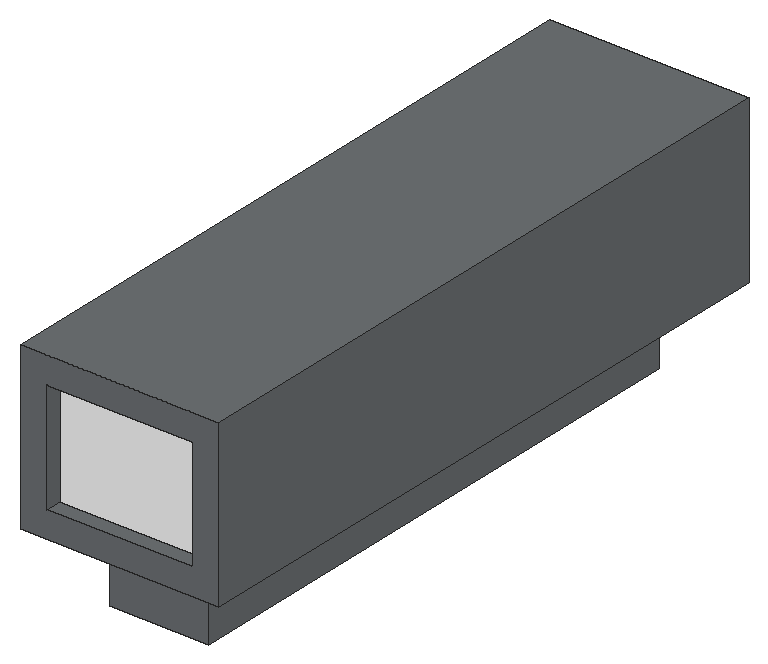
Revit family "Thorn AXYL GLOW", category Lighting Fixtures, host Face, Revit 2023 (continued)
Types (144, lengths in mm): name | Wattage | URL | Type Light Source UP | Type Light Source DOWN | Type Image | Up and Down | Housing Small | Housing Medium | Housing Large | Power Factor | Model | Material Housing | Luminaire Width | Body Size | Apparent Load
  AXYL GLOW S DWN 1L927 WB HF BK | 4 W | "https://www.thornlighting.com/96700143" | Thorn-Light Source-Axyl-Glow : AXYL GLOW S DWN 1L927 WB HF BK_photometric_data | Thorn-Light Source-Axyl-Glow : AXYL GLOW S DWN 1L927 WB HF BK_photometric_data | TLG_AXYL_F_GLOW_S_BK.jpg | no | yes | no | no | 0.54 | "96700143" | Thorn-Aluminium-RAL 9005-Jet Black | 60 | Thorn-Axyl-Glow-Body : Small | 7.40741 VA
  AXYL GLOW S DWN 1L927 WB HF WH | 4 W | "https://www.thornlighting.com/96700142" | Thorn-Light Source-Axyl-Glow : AXYL GLOW S DWN 1L927 WB HF WH_photometric_data | Thorn-Light Source-Axyl-Glow : AXYL GLOW S DWN 1L927 WB HF WH_photometric_data | TLG_AXYL_F_GLOW_S_WH.jpg | no | yes | no | no | 0.54 | "96700142" | Thorn-Aluminium-RAL 9016-Traffic White | 60 | Thorn-Axyl-Glow-Body : Small | 7.40741 VA
  AXYL GLOW S DWN 1L927 WB RD ANT | 4 W | "https://www.thornlighting.com/96701261" | Thorn-Light Source-Axyl-Glow : AXYL GLOW S DWN 1L927 WB RD ANT_photometric_data | Thorn-Light Source-Axyl-Glow : AXYL GLOW S DWN 1L927 WB RD ANT_photometric_data | TLG_AXYL_F_GLOW_S_ANT.jpg | no | yes | no | no | 0.54 | "96701261" | Thorn-Aluminium-RAL 7016-Anthracite Grey | 60 | Thorn-Axyl-Glow-Body : Small | 7.40741 VA
  AXYL GLOW S DWN 1L927 WB RD BK | 4 W | "https://www.thornlighting.com/96701259" | Thorn-Light Source-Axyl-Glow : AXYL GLOW S DWN 1L927 WB RD BK_photometric_data | Thorn-Light Source-Axyl-Glow : AXYL GLOW S DWN 1L927 WB RD BK_photometric_data | TLG_AXYL_F_GLOW_S_BK.jpg | no | yes | no | no | 0.54 | "96701259" | Thorn-Aluminium-RAL 9005-Jet Black | 60 | Thorn-Axyl-Glow-Body : Small | 7.40741 VA
  AXYL GLOW S DWN 1L927 WB RD WH | 4 W | "https://www.thornlighting.com/96701258" | Thorn-Light Source-Axyl-Glow : AXYL GLOW S DWN 1L927 WB RD WH_photometric_data | Thorn-Light Source-Axyl-Glow : AXYL GLOW S DWN 1L927 WB RD WH_photometric_data | TLG_AXYL_F_GLOW_S_WH.jpg | no | yes | no | no | 0.54 | "96701258" | Thorn-Aluminium-RAL 9016-Traffic White | 60 | Thorn-Axyl-Glow-Body : Small | 7.40741 VA
  AXYL GLOW S DWN 1L930 WB HF ANT | 4 W | "https://www.thornlighting.com/96700153" | Thorn-Light Source-Axyl-Glow : AXYL GLOW S DWN 1L930 WB HF ANT_photometric_data | Thorn-Light Source-Axyl-Glow : AXYL GLOW S DWN 1L930 WB HF ANT_photometric_data | TLG_AXYL_F_GLOW_S_ANT.jpg | no | yes | no | no | 0.54 | "96700153" | Thorn-Aluminium-RAL 7016-Anthracite Grey | 60 | Thorn-Axyl-Glow-Body : Small | 7.40741 VA
  AXYL GLOW S DWN 1L930 WB HF BK | 4 W | "https://www.thornlighting.com/96700151" | Thorn-Light Source-Axyl-Glow : AXYL GLOW S DWN 1L930 WB HF BK_photometric_data | Thorn-Light Source-Axyl-Glow : AXYL GLOW S DWN 1L930 WB HF BK_photometric_data | TLG_AXYL_F_GLOW_S_BK.jpg | no | yes | no | no | 0.54 | "96700151" | Thorn-Aluminium-RAL 9005-Jet Black | 60 | Thorn-Axyl-Glow-Body : Small | 7.40741 VA
  AXYL GLOW S DWN 1L930 WB HF GY | 4 W | "https://www.thornlighting.com/96700152" | Thorn-Light Source-Axyl-Glow : AXYL GLOW S DWN 1L930 WB HF GY_photometric_data | Thorn-Light Source-Axyl-Glow : AXYL GLOW S DWN 1L930 WB HF GY_photometric_data | TLG_AXYL_F_GLOW_S_GY.jpg | no | yes | no | no | 0.54 | "96700152" | Thorn-Aluminium-RAL 9006-White Aluminium | 60 | Thorn-Axyl-Glow-Body : Small | 7.40741 VA
  AXYL GLOW S DWN 1L930 WB HF WH | 4 W | "https://www.thornlighting.com/96700150" | Thorn-Light Source-Axyl-Glow : AXYL GLOW S DWN 1L930 WB HF WH_photometric_data | Thorn-Light Source-Axyl-Glow : AXYL GLOW S DWN 1L930 WB HF WH_photometric_data | TLG_AXYL_F_GLOW_S_WH.jpg | no | yes | no | no | 0.54 | "96700150" | Thorn-Aluminium-RAL 9016-Traffic White | 60 | Thorn-Axyl-Glow-Body : Small | 7.40741 VA
  AXYL GLOW S DWN 1L930 WB RD ANT | 4 W | "https://www.thornlighting.com/96701269" | Thorn-Light Source-Axyl-Glow : AXYL GLOW S DWN 1L930 WB RD ANT_photometric_data | Thorn-Light Source-Axyl-Glow : AXYL GLOW S DWN 1L930 WB RD ANT_photometric_data | TLG_AXYL_F_GLOW_S_ANT.jpg | no | yes | no | no | 0.54 | "96701269" | Thorn-Aluminium-RAL 7016-Anthracite Grey | 60 | Thorn-Axyl-Glow-Body : Small | 7.40741 VA
  AXYL GLOW S DWN 1L930 WB RD BK | 4 W | "https://www.thornlighting.com/96701267" | Thorn-Light Source-Axyl-Glow : AXYL GLOW S DWN 1L930 WB RD BK_photometric_data | Thorn-Light Source-Axyl-Glow : AXYL GLOW S DWN 1L930 WB RD BK_photometric_data | TLG_AXYL_F_GLOW_S_BK.jpg | no | yes | no | no | 0.54 | "96701267" | Thorn-Aluminium-RAL 9005-Jet Black | 60 | Thorn-Axyl-Glow-Body : Small | 7.40741 VA
  AXYL GLOW S DWN 1L930 WB RD GY | 4 W | "https://www.thornlighting.com/96701268" | Thorn-Light Source-Axyl-Glow : AXYL GLOW S DWN 1L930 WB RD GY_photometric_data | Thorn-Light Source-Axyl-Glow : AXYL GLOW S DWN 1L930 WB RD GY_photometric_data | TLG_AXYL_F_GLOW_S_GY.jpg | no | yes | no | no | 0.54 | "96701268" | Thorn-Aluminium-RAL 9006-White Aluminium | 60 | Thorn-Axyl-Glow-Body : Small | 7.40741 VA
  AXYL GLOW S DWN 1L930 WB RD WH | 4 W | "https://www.thornlighting.com/96701266" | Thorn-Light Source-Axyl-Glow : AXYL GLOW S DWN 1L930 WB RD WH_photometric_data | Thorn-Light Source-Axyl-Glow : AXYL GLOW S DWN 1L930 WB RD WH_photometric_data | TLG_AXYL_F_GLOW_S_WH.jpg | no | yes | no | no | 0.54 | "96701266" | Thorn-Aluminium-RAL 9016-Traffic White | 60 | Thorn-Axyl-Glow-Body : Small | 7.40741 VA
  AXYL GLOW S DWN 1L940 WB HF ANT | 4 W | "https://www.thornlighting.com/96700149" | Thorn-Light Source-Axyl-Glow : AXYL GLOW S DWN 1L940 WB HF ANT_photometric_data | Thorn-Light Source-Axyl-Glow : AXYL GLOW S DWN 1L940 WB HF ANT_photometric_data | TLG_AXYL_F_GLOW_S_ANT.jpg | no | yes | no | no | 0.54 | "96700149" | Thorn-Aluminium-RAL 7016-Anthracite Grey | 60 | Thorn-Axyl-Glow-Body : Small | 7.40741 VA
  AXYL GLOW S DWN 1L940 WB HF BK | 4 W | "https://www.thornlighting.com/96700147" | Thorn-Light Source-Axyl-Glow : AXYL GLOW S DWN 1L940 WB HF BK_photometric_data | Thorn-Light Source-Axyl-Glow : AXYL GLOW S DWN 1L940 WB HF BK_photometric_data | TLG_AXYL_F_GLOW_S_BK.jpg | no | yes | no | no | 0.54 | "96700147" | Thorn-Aluminium-RAL 9005-Jet Black | 60 | Thorn-Axyl-Glow-Body : Small | 7.40741 VA
  AXYL GLOW S DWN 1L940 WB HF GY | 4 W | "https://www.thornlighting.com/96700148" | Thorn-Light Source-Axyl-Glow : AXYL GLOW S DWN 1L940 WB HF GY_photometric_data | Thorn-Light Source-Axyl-Glow : AXYL GLOW S DWN 1L940 WB HF GY_photometric_data | TLG_AXYL_F_GLOW_S_GY.jpg | no | yes | no | no | 0.54 | "96700148" | Thorn-Aluminium-RAL 9006-White Aluminium | 60 | Thorn-Axyl-Glow-Body : Small | 7.40741 VA
  AXYL GLOW S DWN 1L940 WB HF WH | 4 W | "https://www.thornlighting.com/96700146" | Thorn-Light Source-Axyl-Glow : AXYL GLOW S DWN 1L940 WB HF WH_photometric_data | Thorn-Light Source-Axyl-Glow : AXYL GLOW S DWN 1L940 WB HF WH_photometric_data | TLG_AXYL_F_GLOW_S_WH.jpg | no | yes | no | no | 0.54 | "96700146" | Thorn-Aluminium-RAL 9016-Traffic White | 60 | Thorn-Axyl-Glow-Body : Small | 7.40741 VA
  AXYL GLOW S DWN 1L940 WB RD ANT | 4 W | "https://www.thornlighting.com/96701265" | Thorn-Light Source-Axyl-Glow : AXYL GLOW S DWN 1L940 WB RD ANT_photometric_data | Thorn-Light Source-Axyl-Glow : AXYL GLOW S DWN 1L940 WB RD ANT_photometric_data | TLG_AXYL_F_GLOW_S_ANT.jpg | no | yes | no | no | 0.54 | "96701265" | Thorn-Aluminium-RAL 7016-Anthracite Grey | 60 | Thorn-Axyl-Glow-Body : Small | 7.40741 VA
  AXYL GLOW S DWN 1L940 WB RD BK | 4 W | "https://www.thornlighting.com/96701263" | Thorn-Light Source-Axyl-Glow : AXYL GLOW S DWN 1L940 WB RD BK_photometric_data | Thorn-Light Source-Axyl-Glow : AXYL GLOW S DWN 1L940 WB RD BK_photometric_data | TLG_AXYL_F_GLOW_S_BK.jpg | no | yes | no | no | 0.54 | "96701263" | Thorn-Aluminium-RAL 9005-Jet Black | 60 | Thorn-Axyl-Glow-Body : Small | 7.40741 VA
  AXYL GLOW S DWN 1L940 WB RD GY | 4 W | "https://www.thornlighting.com/96701264" | Thorn-Light Source-Axyl-Glow : AXYL GLOW S DWN 1L940 WB RD GY_photometric_data | Thorn-Light Source-Axyl-Glow : AXYL GLOW S DWN 1L940 WB RD GY_photometric_data | TLG_AXYL_F_GLOW_S_GY.jpg | no | yes | no | no | 0.54 | "96701264" | Thorn-Aluminium-RAL 9006-White Aluminium | 60 | Thorn-Axyl-Glow-Body : Small | 7.40741 VA
  AXYL GLOW S DWN 1L940 WB RD WH | 4 W | "https://www.thornlighting.com/96701262" | Thorn-Light Source-Axyl-Glow : AXYL GLOW S DWN 1L940 WB RD WH_photometric_data | Thorn-Light Source-Axyl-Glow : AXYL GLOW S DWN 1L940 WB RD WH_photometric_data | TLG_AXYL_F_GLOW_S_WH.jpg | no | yes | no | no | 0.54 | "96701262" | Thorn-Aluminium-RAL 9016-Traffic White | 60 | Thorn-Axyl-Glow-Body : Small | 7.40741 VA
  AXYL GLOW S DWN1L927  WB HF GY | 4 W | "https://www.thornlighting.com/96700144" | Thorn-Light Source-Axyl-Glow : AXYL GLOW S DWN1L927  WB HF GY_photometric_data | Thorn-Light Source-Axyl-Glow : AXYL GLOW S DWN1L927  WB HF GY_photometric_data | TLG_AXYL_F_GLOW_S_GY.jpg | no | yes | no | no | 0.54 | "96700144" | Thorn-Aluminium-RAL 9006-White Aluminium | 60 | Thorn-Axyl-Glow-Body : Small | 7.40741 VA
  AXYL GLOW S DWN1L927  WB RD GY | 4 W | "https://www.thornlighting.com/96701260" | Thorn-Light Source-Axyl-Glow : AXYL GLOW S DWN1L927  WB RD GY_photometric_data | Thorn-Light Source-Axyl-Glow : AXYL GLOW S DWN1L927  WB RD GY_photometric_data | TLG_AXYL_F_GLOW_S_GY.jpg | no | yes | no | no | 0.54 | "96701260" | Thorn-Aluminium-RAL 9006-White Aluminium | 60 | Thorn-Axyl-Glow-Body : Small | 7.40741 VA
  AXYL GLOW S U/D 2L927 WB HF ANT | 5.4 W | "https://www.thornlighting.com/96700157" | Thorn-Light Source-Axyl-Glow : AXYL GLOW S U/D 2L927 WB HF ANT_photometric_data_UP | Thorn-Light Source-Axyl-Glow : AXYL GLOW S U/D 2L927 WB HF ANT_photometric_data_DOWN | TLG_AXYL_F_GLOW_S_ANT.jpg | yes | yes | no | no | 0.54 | "96700157" | Thorn-Aluminium-RAL 7016-Anthracite Grey | 60 | Thorn-Axyl-Glow-Body : Small | 10 VA
  AXYL GLOW S U/D 2L927 WB HF BK | 5.4 W | "https://www.thornlighting.com/96700155" | Thorn-Light Source-Axyl-Glow : AXYL GLOW S U/D 2L927 WB HF BK_photometric_data_UP | Thorn-Light Source-Axyl-Glow : AXYL GLOW S U/D 2L927 WB HF BK_photometric_data_DOWN | TLG_AXYL_F_GLOW_S_BK.jpg | yes | yes | no | no | 0.54 | "96700155" | Thorn-Aluminium-RAL 9005-Jet Black | 60 | Thorn-Axyl-Glow-Body : Small | 10 VA
  AXYL GLOW S U/D 2L927 WB HF GY | 5.4 W | "https://www.thornlighting.com/96700156" | Thorn-Light Source-Axyl-Glow : AXYL GLOW S U/D 2L927 WB HF GY_photometric_data_UP | Thorn-Light Source-Axyl-Glow : AXYL GLOW S U/D 2L927 WB HF GY_photometric_data_DOWN | TLG_AXYL_F_GLOW_S_GY.jpg | yes | yes | no | no | 0.54 | "96700156" | Thorn-Aluminium-RAL 9006-White Aluminium | 60 | Thorn-Axyl-Glow-Body : Small | 10 VA
  AXYL GLOW S U/D 2L927 WB HF WH | 5.4 W | "https://www.thornlighting.com/96700154" | Thorn-Light Source-Axyl-Glow : AXYL GLOW S U/D 2L927 WB HF WH_photometric_data_UP | Thorn-Light Source-Axyl-Glow : AXYL GLOW S U/D 2L927 WB HF WH_photometric_data_DOWN | TLG_AXYL_F_GLOW_S_WH.jpg | yes | yes | no | no | 0.54 | "96700154" | Thorn-Aluminium-RAL 9016-Traffic White | 60 | Thorn-Axyl-Glow-Body : Small | 10 VA
  AXYL GLOW S U/D 2L927 WB RD ANT | 5.4 W | "https://www.thornlighting.com/96701297" | Thorn-Light Source-Axyl-Glow : AXYL GLOW S U/D 2L927 WB RD ANT_photometric_data_UP | Thorn-Light Source-Axyl-Glow : AXYL GLOW S U/D 2L927 WB RD ANT_photometric_data_DOWN | TLG_AXYL_F_GLOW_S_ANT.jpg | yes | yes | no | no | 0.54 | "96701297" | Thorn-Aluminium-RAL 7016-Anthracite Grey | 60 | Thorn-Axyl-Glow-Body : Small | 10 VA
  AXYL GLOW S U/D 2L927 WB RD BK | 5.4 W | "https://www.thornlighting.com/96701295" | Thorn-Light Source-Axyl-Glow : AXYL GLOW S U/D 2L927 WB RD BK_photometric_data_UP | Thorn-Light Source-Axyl-Glow : AXYL GLOW S U/D 2L927 WB RD BK_photometric_data_DOWN | TLG_AXYL_F_GLOW_S_BK.jpg | yes | yes | no | no | 0.54 | "96701295" | Thorn-Aluminium-RAL 9005-Jet Black | 60 | Thorn-Axyl-Glow-Body : Small | 10 VA
  AXYL GLOW S U/D 2L927 WB RD GY | 5.4 W | "https://www.thornlighting.com/96701296" | Thorn-Light Source-Axyl-Glow : AXYL GLOW S U/D 2L927 WB RD GY_photometric_data_UP | Thorn-Light Source-Axyl-Glow : AXYL GLOW S U/D 2L927 WB RD GY_photometric_data_DOWN | TLG_AXYL_F_GLOW_S_GY.jpg | yes | yes | no | no | 0.54 | "96701296" | Thorn-Aluminium-RAL 9006-White Aluminium | 60 | Thorn-Axyl-Glow-Body : Small | 10 VA
  AXYL GLOW S U/D 2L927 WB RD WH | 5.4 W | "https://www.thornlighting.com/96701294" | Thorn-Light Source-Axyl-Glow : AXYL GLOW S U/D 2L927 WB RD WH_photometric_data_UP | Thorn-Light Source-Axyl-Glow : AXYL GLOW S U/D 2L927 WB RD WH_photometric_data_DOWN | TLG_AXYL_F_GLOW_S_WH.jpg | yes | yes | no | no | 0.54 | "96701294" | Thorn-Aluminium-RAL 9016-Traffic White | 60 | Thorn-Axyl-Glow-Body : Small | 10 VA
  AXYL GLOW S U/D 2L930 WB HF ANT | 5.4 W | "https://www.thornlighting.com/96700165" | Thorn-Light Source-Axyl-Glow : AXYL GLOW S U/D 2L930 WB HF ANT_photometric_data_UP | Thorn-Light Source-Axyl-Glow : AXYL GLOW S U/D 2L930 WB HF ANT_photometric_data_DOWN | TLG_AXYL_F_GLOW_S_ANT.jpg | yes | yes | no | no | 0.54 | "96700165" | Thorn-Aluminium-RAL 7016-Anthracite Grey | 60 | Thorn-Axyl-Glow-Body : Small | 10 VA
  AXYL GLOW S U/D 2L930 WB HF BK | 5.4 W | "https://www.thornlighting.com/96700163" | Thorn-Light Source-Axyl-Glow : AXYL GLOW S U/D 2L930 WB HF BK_photometric_data_UP | Thorn-Light Source-Axyl-Glow : AXYL GLOW S U/D 2L930 WB HF BK_photometric_data_DOWN | TLG_AXYL_F_GLOW_S_BK.jpg | yes | yes | no | no | 0.54 | "96700163" | Thorn-Aluminium-RAL 9005-Jet Black | 60 | Thorn-Axyl-Glow-Body : Small | 10 VA
  AXYL GLOW S U/D 2L930 WB HF GY | 5.4 W | "https://www.thornlighting.com/96700164" | Thorn-Light Source-Axyl-Glow : AXYL GLOW S U/D 2L930 WB HF GY_photometric_data_UP | Thorn-Light Source-Axyl-Glow : AXYL GLOW S U/D 2L930 WB HF GY_photometric_data_DOWN | TLG_AXYL_F_GLOW_S_GY.jpg | yes | yes | no | no | 0.54 | "96700164" | Thorn-Aluminium-RAL 9006-White Aluminium | 60 | Thorn-Axyl-Glow-Body : Small | 10 VA
  AXYL GLOW S U/D 2L930 WB HF WH | 5.4 W | "https://www.thornlighting.com/96700162" | Thorn-Light Source-Axyl-Glow : AXYL GLOW S U/D 2L930 WB HF WH_photometric_data_UP | Thorn-Light Source-Axyl-Glow : AXYL GLOW S U/D 2L930 WB HF WH_photometric_data_DOWN | TLG_AXYL_F_GLOW_S_WH.jpg | yes | yes | no | no | 0.54 | "96700162" | Thorn-Aluminium-RAL 9016-Traffic White | 60 | Thorn-Axyl-Glow-Body : Small | 10 VA
  AXYL GLOW S U/D 2L930 WB RD ANT | 5.4 W | "https://www.thornlighting.com/96701305" | Thorn-Light Source-Axyl-Glow : AXYL GLOW S U/D 2L930 WB RD ANT_photometric_data_UP | Thorn-Light Source-Axyl-Glow : AXYL GLOW S U/D 2L930 WB RD ANT_photometric_data_DOWN | TLG_AXYL_F_GLOW_S_ANT.jpg | yes | yes | no | no | 0.54 | "96701305" | Thorn-Aluminium-RAL 7016-Anthracite Grey | 60 | Thorn-Axyl-Glow-Body : Small | 10 VA
  AXYL GLOW S U/D 2L930 WB RD BK | 5.4 W | "https://www.thornlighting.com/96701303" | Thorn-Light Source-Axyl-Glow : AXYL GLOW S U/D 2L930 WB RD BK_photometric_data_UP | Thorn-Light Source-Axyl-Glow : AXYL GLOW S U/D 2L930 WB RD BK_photometric_data_DOWN | TLG_AXYL_F_GLOW_S_BK.jpg | yes | yes | no | no | 0.54 | "96701303" | Thorn-Aluminium-RAL 9005-Jet Black | 60 | Thorn-Axyl-Glow-Body : Small | 10 VA
  AXYL GLOW S U/D 2L930 WB RD GY | 5.4 W | "https://www.thornlighting.com/96701304" | Thorn-Light Source-Axyl-Glow : AXYL GLOW S U/D 2L930 WB RD GY_photometric_data_UP | Thorn-Light Source-Axyl-Glow : AXYL GLOW S U/D 2L930 WB RD GY_photometric_data_DOWN | TLG_AXYL_F_GLOW_S_GY.jpg | yes | yes | no | no | 0.54 | "96701304" | Thorn-Aluminium-RAL 9006-White Aluminium | 60 | Thorn-Axyl-Glow-Body : Small | 10 VA
  AXYL GLOW S U/D 2L930 WB RD WH | 5.4 W | "https://www.thornlighting.com/96701302" | Thorn-Light Source-Axyl-Glow : AXYL GLOW S U/D 2L930 WB RD WH_photometric_data_UP | Thorn-Light Source-Axyl-Glow : AXYL GLOW S U/D 2L930 WB RD WH_photometric_data_DOWN | TLG_AXYL_F_GLOW_S_WH.jpg | yes | yes | no | no | 0.54 | "96701302" | Thorn-Aluminium-RAL 9016-Traffic White | 60 | Thorn-Axyl-Glow-Body : Small | 10 VA
  AXYL GLOW S U/D 2L940 WB HF ANT | 5.4 W | "https://www.thornlighting.com/96700161" | Thorn-Light Source-Axyl-Glow : AXYL GLOW S U/D 2L940 WB HF ANT_photometric_data_UP | Thorn-Light Source-Axyl-Glow : AXYL GLOW S U/D 2L940 WB HF ANT_photometric_data_DOWN | TLG_AXYL_F_GLOW_S_ANT.jpg | yes | yes | no | no | 0.54 | "96700161" | Thorn-Aluminium-RAL 7016-Anthracite Grey | 60 | Thorn-Axyl-Glow-Body : Small | 10 VA
  AXYL GLOW S U/D 2L940 WB HF BK | 5.4 W | "https://www.thornlighting.com/96700159" | Thorn-Light Source-Axyl-Glow : AXYL GLOW S U/D 2L940 WB HF BK_photometric_data_UP | Thorn-Light Source-Axyl-Glow : AXYL GLOW S U/D 2L940 WB HF BK_photometric_data_DOWN | TLG_AXYL_F_GLOW_S_BK.jpg | yes | yes | no | no | 0.54 | "96700159" | Thorn-Aluminium-RAL 9005-Jet Black | 60 | Thorn-Axyl-Glow-Body : Small | 10 VA
  AXYL GLOW S U/D 2L940 WB HF GY | 5.4 W | "https://www.thornlighting.com/96700160" | Thorn-Light Source-Axyl-Glow : AXYL GLOW S U/D 2L940 WB HF GY_photometric_data_UP | Thorn-Light Source-Axyl-Glow : AXYL GLOW S U/D 2L940 WB HF GY_photometric_data_DOWN | TLG_AXYL_F_GLOW_S_GY.jpg | yes | yes | no | no | 0.54 | "96700160" | Thorn-Aluminium-RAL 9006-White Aluminium | 60 | Thorn-Axyl-Glow-Body : Small | 10 VA
  AXYL GLOW S U/D 2L940 WB HF WH | 5.4 W | "https://www.thornlighting.com/96700158" | Thorn-Light Source-Axyl-Glow : AXYL GLOW S U/D 2L940 WB HF WH_photometric_data_UP | Thorn-Light Source-Axyl-Glow : AXYL GLOW S U/D 2L940 WB HF WH_photometric_data_DOWN | TLG_AXYL_F_GLOW_S_WH.jpg | yes | yes | no | no | 0.54 | "96700158" | Thorn-Aluminium-RAL 9016-Traffic White | 60 | Thorn-Axyl-Glow-Body : Small | 10 VA
  AXYL GLOW S U/D 2L940 WB RD ANT | 5.4 W | "https://www.thornlighting.com/96701301" | Thorn-Light Source-Axyl-Glow : AXYL GLOW S U/D 2L940 WB RD ANT_photometric_data_UP | Thorn-Light Source-Axyl-Glow : AXYL GLOW S U/D 2L940 WB RD ANT_photometric_data_DOWN | TLG_AXYL_F_GLOW_S_ANT.jpg | yes | yes | no | no | 0.54 | "96701301" | Thorn-Aluminium-RAL 7016-Anthracite Grey | 60 | Thorn-Axyl-Glow-Body : Small | 10 VA
  AXYL GLOW S U/D 2L940 WB RD BK | 5.4 W | "https://www.thornlighting.com/96701299" | Thorn-Light Source-Axyl-Glow : AXYL GLOW S U/D 2L940 WB RD BK_photometric_data_UP | Thorn-Light Source-Axyl-Glow : AXYL GLOW S U/D 2L940 WB RD BK_photometric_data_DOWN | TLG_AXYL_F_GLOW_S_BK.jpg | yes | yes | no | no | 0.54 | "96701299" | Thorn-Aluminium-RAL 9005-Jet Black | 60 | Thorn-Axyl-Glow-Body : Small | 10 VA
  AXYL GLOW S U/D 2L940 WB RD GY | 5.4 W | "https://www.thornlighting.com/96701300" | Thorn-Light Source-Axyl-Glow : AXYL GLOW S U/D 2L940 WB RD GY_photometric_data_UP | Thorn-Light Source-Axyl-Glow : AXYL GLOW S U/D 2L940 WB RD GY_photometric_data_DOWN | TLG_AXYL_F_GLOW_S_GY.jpg | yes | yes | no | no | 0.54 | "96701300" | Thorn-Aluminium-RAL 9006-White Aluminium | 60 | Thorn-Axyl-Glow-Body : Small | 10 VA
  AXYL GLOW S U/D 2L940 WB RD WH | 5.4 W | "https://www.thornlighting.com/96701298" | Thorn-Light Source-Axyl-Glow : AXYL GLOW S U/D 2L940 WB RD WH_photometric_data_UP | Thorn-Light Source-Axyl-Glow : AXYL GLOW S U/D 2L940 WB RD WH_photometric_data_DOWN | TLG_AXYL_F_GLOW_S_WH.jpg | yes | yes | no | no | 0.54 | "96701298" | Thorn-Aluminium-RAL 9016-Traffic White | 60 | Thorn-Axyl-Glow-Body : Small | 10 VA
  AXYL GLOW M DWN 3L927  WB HF GY | 10 W | "https://www.thornlighting.com/96700168" | Thorn-Light Source-Axyl-Glow : AXYL GLOW M DWN 3L927  WB HF GY_photometric_data | Thorn-Light Source-Axyl-Glow : AXYL GLOW M DWN 3L927  WB HF GY_photometric_data | TLG_AXYL_F_GLOW_M_GY.jpg | no | no | yes | no | 0.95 | "96700168" | Thorn-Aluminium-RAL 9006-White Aluminium | 90 | Thorn-Axyl-Glow-Body : Medium | 10.5263 VA
  AXYL GLOW M DWN 3L927  WB RD GY | 10 W | "https://www.thornlighting.com/96701272" | Thorn-Light Source-Axyl-Glow : AXYL GLOW M DWN 3L927  WB RD GY_photometric_data | Thorn-Light Source-Axyl-Glow : AXYL GLOW M DWN 3L927  WB RD GY_photometric_data | TLG_AXYL_F_GLOW_M_GY.jpg | no | no | yes | no | 0.95 | "96701272" | Thorn-Aluminium-RAL 9006-White Aluminium | 90 | Thorn-Axyl-Glow-Body : Medium | 10.5263 VA
  AXYL GLOW M DWN 3L927 WB HF ANT | 10 W | "https://www.thornlighting.com/96700169" | Thorn-Light Source-Axyl-Glow : AXYL GLOW M DWN 3L927 WB HF ANT_photometric_data | Thorn-Light Source-Axyl-Glow : AXYL GLOW M DWN 3L927 WB HF ANT_photometric_data | TLG_AXYL_F_GLOW_M_ANT.jpg | no | no | yes | no | 0.95 | "96700169" | Thorn-Aluminium-RAL 7016-Anthracite Grey | 90 | Thorn-Axyl-Glow-Body : Medium | 10.5263 VA
  AXYL GLOW M DWN 3L927 WB HF BK | 10 W | "https://www.thornlighting.com/96700167" | Thorn-Light Source-Axyl-Glow : AXYL GLOW M DWN 3L927 WB HF BK_photometric_data | Thorn-Light Source-Axyl-Glow : AXYL GLOW M DWN 3L927 WB HF BK_photometric_data | TLG_AXYL_F_GLOW_M_BK.jpg | no | no | yes | no | 0.95 | "96700167" | Thorn-Aluminium-RAL 9005-Jet Black | 90 | Thorn-Axyl-Glow-Body : Medium | 10.5263 VA
  AXYL GLOW M DWN 3L927 WB HF WH | 10 W | "https://www.thornlighting.com/96700166" | Thorn-Light Source-Axyl-Glow : AXYL GLOW M DWN 3L927 WB HF WH_photometric_data | Thorn-Light Source-Axyl-Glow : AXYL GLOW M DWN 3L927 WB HF WH_photometric_data | TLG_AXYL_F_GLOW_M_WH.jpg | no | no | yes | no | 0.95 | "96700166" | Thorn-Aluminium-RAL 9016-Traffic White | 90 | Thorn-Axyl-Glow-Body : Medium | 10.5263 VA
  AXYL GLOW M DWN 3L927 WB RD ANT | 10 W | "https://www.thornlighting.com/96701273" | Thorn-Light Source-Axyl-Glow : AXYL GLOW M DWN 3L927 WB RD ANT_photometric_data | Thorn-Light Source-Axyl-Glow : AXYL GLOW M DWN 3L927 WB RD ANT_photometric_data | TLG_AXYL_F_GLOW_M_ANT.jpg | no | no | yes | no | 0.95 | "96701273" | Thorn-Aluminium-RAL 7016-Anthracite Grey | 90 | Thorn-Axyl-Glow-Body : Medium | 10.5263 VA
  AXYL GLOW M DWN 3L927 WB RD BK | 10 W | "https://www.thornlighting.com/96701271" | Thorn-Light Source-Axyl-Glow : AXYL GLOW M DWN 3L927 WB RD BK_photometric_data | Thorn-Light Source-Axyl-Glow : AXYL GLOW M DWN 3L927 WB RD BK_photometric_data | TLG_AXYL_F_GLOW_M_BK.jpg | no | no | yes | no | 0.95 | "96701271" | Thorn-Aluminium-RAL 9005-Jet Black | 90 | Thorn-Axyl-Glow-Body : Medium | 10.5263 VA
  AXYL GLOW M DWN 3L927 WB RD WH | 10 W | "https://www.thornlighting.com/96701270" | Thorn-Light Source-Axyl-Glow : AXYL GLOW M DWN 3L927 WB RD WH_photometric_data | Thorn-Light Source-Axyl-Glow : AXYL GLOW M DWN 3L927 WB RD WH_photometric_data | TLG_AXYL_F_GLOW_M_WH.jpg | no | no | yes | no | 0.95 | "96701270" | Thorn-Aluminium-RAL 9016-Traffic White | 90 | Thorn-Axyl-Glow-Body : Medium | 10.5263 VA
  AXYL GLOW M DWN 3L930 WB HF ANT | 10 W | "https://www.thornlighting.com/96700177" | Thorn-Light Source-Axyl-Glow : AXYL GLOW M DWN 3L930 WB HF ANT_photometric_data | Thorn-Light Source-Axyl-Glow : AXYL GLOW M DWN 3L930 WB HF ANT_photometric_data | TLG_AXYL_F_GLOW_M_ANT.jpg | no | no | yes | no | 0.95 | "96700177" | Thorn-Aluminium-RAL 7016-Anthracite Grey | 90 | Thorn-Axyl-Glow-Body : Medium | 10.5263 VA
  AXYL GLOW M DWN 3L930 WB HF BK | 10 W | "https://www.thornlighting.com/96700175" | Thorn-Light Source-Axyl-Glow : AXYL GLOW M DWN 3L930 WB HF BK_photometric_data | Thorn-Light Source-Axyl-Glow : AXYL GLOW M DWN 3L930 WB HF BK_photometric_data | TLG_AXYL_F_GLOW_M_BK.jpg | no | no | yes | no | 0.95 | "96700175" | Thorn-Aluminium-RAL 9005-Jet Black | 90 | Thorn-Axyl-Glow-Body : Medium | 10.5263 VA
  AXYL GLOW M DWN 3L930 WB HF GY | 10 W | "https://www.thornlighting.com/96700176" | Thorn-Light Source-Axyl-Glow : AXYL GLOW M DWN 3L930 WB HF GY_photometric_data | Thorn-Light Source-Axyl-Glow : AXYL GLOW M DWN 3L930 WB HF GY_photometric_data | TLG_AXYL_F_GLOW_M_GY.jpg | no | no | yes | no | 0.95 | "96700176" | Thorn-Aluminium-RAL 9006-White Aluminium | 90 | Thorn-Axyl-Glow-Body : Medium | 10.5263 VA
  AXYL GLOW M DWN 3L930 WB HF WH | 10 W | "https://www.thornlighting.com/96700174" | Thorn-Light Source-Axyl-Glow : AXYL GLOW M DWN 3L930 WB HF WH_photometric_data | Thorn-Light Source-Axyl-Glow : AXYL GLOW M DWN 3L930 WB HF WH_photometric_data | TLG_AXYL_F_GLOW_M_WH.jpg | no | no | yes | no | 0.95 | "96700174" | Thorn-Aluminium-RAL 9016-Traffic White | 90 | Thorn-Axyl-Glow-Body : Medium | 10.5263 VA
  AXYL GLOW M DWN 3L930 WB RD ANT | 10 W | "https://www.thornlighting.com/96701281" | Thorn-Light Source-Axyl-Glow : AXYL GLOW M DWN 3L930 WB RD ANT_photometric_data | Thorn-Light Source-Axyl-Glow : AXYL GLOW M DWN 3L930 WB RD ANT_photometric_data | TLG_AXYL_F_GLOW_M_ANT.jpg | no | no | yes | no | 0.95 | "96701281" | Thorn-Aluminium-RAL 7016-Anthracite Grey | 90 | Thorn-Axyl-Glow-Body : Medium | 10.5263 VA
  AXYL GLOW M DWN 3L930 WB RD BK | 10 W | "https://www.thornlighting.com/96701279" | Thorn-Light Source-Axyl-Glow : AXYL GLOW M DWN 3L930 WB RD BK_photometric_data | Thorn-Light Source-Axyl-Glow : AXYL GLOW M DWN 3L930 WB RD BK_photometric_data | TLG_AXYL_F_GLOW_M_BK.jpg | no | no | yes | no | 0.95 | "96701279" | Thorn-Aluminium-RAL 9005-Jet Black | 90 | Thorn-Axyl-Glow-Body : Medium | 10.5263 VA
  AXYL GLOW M DWN 3L930 WB RD GY | 10 W | "https://www.thornlighting.com/96701280" | Thorn-Light Source-Axyl-Glow : AXYL GLOW M DWN 3L930 WB RD GY_photometric_data | Thorn-Light Source-Axyl-Glow : AXYL GLOW M DWN 3L930 WB RD GY_photometric_data | TLG_AXYL_F_GLOW_M_GY.jpg | no | no | yes | no | 0.95 | "96701280" | Thorn-Aluminium-RAL 9006-White Aluminium | 90 | Thorn-Axyl-Glow-Body : Medium | 10.5263 VA
  AXYL GLOW M DWN 3L930 WB RD WH | 10 W | "https://www.thornlighting.com/96701278" | Thorn-Light Source-Axyl-Glow : AXYL GLOW M DWN 3L930 WB RD WH_photometric_data | Thorn-Light Source-Axyl-Glow : AXYL GLOW M DWN 3L930 WB RD WH_photometric_data | TLG_AXYL_F_GLOW_M_WH.jpg | no | no | yes | no | 0.95 | "96701278" | Thorn-Aluminium-RAL 9016-Traffic White | 90 | Thorn-Axyl-Glow-Body : Medium | 10.5263 VA
  AXYL GLOW M DWN 3L940 WB HF ANT | 10 W | "https://www.thornlighting.com/96700173" | Thorn-Light Source-Axyl-Glow : AXYL GLOW M DWN 3L940 WB HF ANT_photometric_data | Thorn-Light Source-Axyl-Glow : AXYL GLOW M DWN 3L940 WB HF ANT_photometric_data | TLG_AXYL_F_GLOW_M_ANT.jpg | no | no | yes | no | 0.95 | "96700173" | Thorn-Aluminium-RAL 7016-Anthracite Grey | 90 | Thorn-Axyl-Glow-Body : Medium | 10.5263 VA
  AXYL GLOW M DWN 3L940 WB HF BK | 10 W | "https://www.thornlighting.com/96700171" | Thorn-Light Source-Axyl-Glow : AXYL GLOW M DWN 3L940 WB HF BK_photometric_data | Thorn-Light Source-Axyl-Glow : AXYL GLOW M DWN 3L940 WB HF BK_photometric_data | TLG_AXYL_F_GLOW_M_BK.jpg | no | no | yes | no | 0.95 | "96700171" | Thorn-Aluminium-RAL 9005-Jet Black | 90 | Thorn-Axyl-Glow-Body : Medium | 10.5263 VA
  AXYL GLOW M DWN 3L940 WB HF GY | 10 W | "https://www.thornlighting.com/96700172" | Thorn-Light Source-Axyl-Glow : AXYL GLOW M DWN 3L940 WB HF GY_photometric_data | Thorn-Light Source-Axyl-Glow : AXYL GLOW M DWN 3L940 WB HF GY_photometric_data | TLG_AXYL_F_GLOW_M_GY.jpg | no | no | yes | no | 0.95 | "96700172" | Thorn-Aluminium-RAL 9006-White Aluminium | 90 | Thorn-Axyl-Glow-Body : Medium | 10.5263 VA
  AXYL GLOW M DWN 3L940 WB HF WH | 10 W | "https://www.thornlighting.com/96700170" | Thorn-Light Source-Axyl-Glow : AXYL GLOW M DWN 3L940 WB HF WH_photometric_data | Thorn-Light Source-Axyl-Glow : AXYL GLOW M DWN 3L940 WB HF WH_photometric_data | TLG_AXYL_F_GLOW_M_WH.jpg | no | no | yes | no | 0.95 | "96700170" | Thorn-Aluminium-RAL 9016-Traffic White | 90 | Thorn-Axyl-Glow-Body : Medium | 10.5263 VA
  AXYL GLOW M DWN 3L940 WB RD ANT | 10 W | "https://www.thornlighting.com/96701277" | Thorn-Light Source-Axyl-Glow : AXYL GLOW M DWN 3L940 WB RD ANT_photometric_data | Thorn-Light Source-Axyl-Glow : AXYL GLOW M DWN 3L940 WB RD ANT_photometric_data | TLG_AXYL_F_GLOW_M_ANT.jpg | no | no | yes | no | 0.95 | "96701277" | Thorn-Aluminium-RAL 7016-Anthracite Grey | 90 | Thorn-Axyl-Glow-Body : Medium | 10.5263 VA
  AXYL GLOW M DWN 3L940 WB RD BK | 10 W | "https://www.thornlighting.com/96701275" | Thorn-Light Source-Axyl-Glow : AXYL GLOW M DWN 3L940 WB RD BK_photometric_data | Thorn-Light Source-Axyl-Glow : AXYL GLOW M DWN 3L940 WB RD BK_photometric_data | TLG_AXYL_F_GLOW_M_BK.jpg | no | no | yes | no | 0.95 | "96701275" | Thorn-Aluminium-RAL 9005-Jet Black | 90 | Thorn-Axyl-Glow-Body : Medium | 10.5263 VA
  AXYL GLOW M DWN 3L940 WB RD GY | 10 W | "https://www.thornlighting.com/96701276" | Thorn-Light Source-Axyl-Glow : AXYL GLOW M DWN 3L940 WB RD GY_photometric_data | Thorn-Light Source-Axyl-Glow : AXYL GLOW M DWN 3L940 WB RD GY_photometric_data | TLG_AXYL_F_GLOW_M_GY.jpg | no | no | yes | no | 0.95 | "96701276" | Thorn-Aluminium-RAL 9006-White Aluminium | 90 | Thorn-Axyl-Glow-Body : Medium | 10.5263 VA
  AXYL GLOW M DWN 3L940 WB RD WH | 10 W | "https://www.thornlighting.com/96701274" | Thorn-Light Source-Axyl-Glow : AXYL GLOW M DWN 3L940 WB RD WH_photometric_data | Thorn-Light Source-Axyl-Glow : AXYL GLOW M DWN 3L940 WB RD WH_photometric_data | TLG_AXYL_F_GLOW_M_WH.jpg | no | no | yes | no | 0.95 | "96701274" | Thorn-Aluminium-RAL 9016-Traffic White | 90 | Thorn-Axyl-Glow-Body : Medium | 10.5263 VA
  AXYL GLOW M U/D 6L927 WB HF ANT | 18.8 W | "https://www.thornlighting.com/96700181" | Thorn-Light Source-Axyl-Glow : AXYL GLOW M U/D 6L927 WB HF ANT_photometric_data_UP | Thorn-Light Source-Axyl-Glow : AXYL GLOW M U/D 6L927 WB HF ANT_photometric_data_DOWN | TLG_AXYL_F_GLOW_M_ANT.jpg | yes | no | yes | no | 0.95 | "96700181" | Thorn-Aluminium-RAL 7016-Anthracite Grey | 90 | Thorn-Axyl-Glow-Body : Medium | 19.7895 VA
  AXYL GLOW M U/D 6L927 WB HF BK | 18.8 W | "https://www.thornlighting.com/96700179" | Thorn-Light Source-Axyl-Glow : AXYL GLOW M U/D 6L927 WB HF BK_photometric_data_UP | Thorn-Light Source-Axyl-Glow : AXYL GLOW M U/D 6L927 WB HF BK_photometric_data_DOWN | TLG_AXYL_F_GLOW_M_BK.jpg | yes | no | yes | no | 0.95 | "96700179" | Thorn-Aluminium-RAL 9005-Jet Black | 90 | Thorn-Axyl-Glow-Body : Medium | 19.7895 VA
  AXYL GLOW M U/D 6L927 WB HF GY | 18.8 W | "https://www.thornlighting.com/96700180" | Thorn-Light Source-Axyl-Glow : AXYL GLOW M U/D 6L927 WB HF GY_photometric_data_UP | Thorn-Light Source-Axyl-Glow : AXYL GLOW M U/D 6L927 WB HF GY_photometric_data_DOWN | TLG_AXYL_F_GLOW_M_GY.jpg | yes | no | yes | no | 0.95 | "96700180" | Thorn-Aluminium-RAL 9006-White Aluminium | 90 | Thorn-Axyl-Glow-Body : Medium | 19.7895 VA
  AXYL GLOW M U/D 6L927 WB HF WH | 18.8 W | "https://www.thornlighting.com/96700178" | Thorn-Light Source-Axyl-Glow : AXYL GLOW M U/D 6L927 WB HF WH_photometric_data_UP | Thorn-Light Source-Axyl-Glow : AXYL GLOW M U/D 6L927 WB HF WH_photometric_data_DOWN | TLG_AXYL_F_GLOW_M_WH.jpg | yes | no | yes | no | 0.95 | "96700178" | Thorn-Aluminium-RAL 9016-Traffic White | 90 | Thorn-Axyl-Glow-Body : Medium | 19.7895 VA
  AXYL GLOW M U/D 6L927 WB RD ANT | 18.8 W | "https://www.thornlighting.com/96701309" | Thorn-Light Source-Axyl-Glow : AXYL GLOW M U/D 6L927 WB RD ANT_photometric_data_UP | Thorn-Light Source-Axyl-Glow : AXYL GLOW M U/D 6L927 WB RD ANT_photometric_data_DOWN | TLG_AXYL_F_GLOW_M_ANT.jpg | yes | no | yes | no | 0.95 | "96701309" | Thorn-Aluminium-RAL 7016-Anthracite Grey | 90 | Thorn-Axyl-Glow-Body : Medium | 19.7895 VA
  AXYL GLOW M U/D 6L927 WB RD BK | 18.8 W | "https://www.thornlighting.com/96701307" | Thorn-Light Source-Axyl-Glow : AXYL GLOW M U/D 6L927 WB RD BK_photometric_data_UP | Thorn-Light Source-Axyl-Glow : AXYL GLOW M U/D 6L927 WB RD BK_photometric_data_DOWN | TLG_AXYL_F_GLOW_M_BK.jpg | yes | no | yes | no | 0.95 | "96701307" | Thorn-Aluminium-RAL 9005-Jet Black | 90 | Thorn-Axyl-Glow-Body : Medium | 19.7895 VA
  AXYL GLOW M U/D 6L927 WB RD GY | 18.8 W | "https://www.thornlighting.com/96701308" | Thorn-Light Source-Axyl-Glow : AXYL GLOW M U/D 6L927 WB RD GY_photometric_data_UP | Thorn-Light Source-Axyl-Glow : AXYL GLOW M U/D 6L927 WB RD GY_photometric_data_DOWN | TLG_AXYL_F_GLOW_M_GY.jpg | yes | no | yes | no | 0.95 | "96701308" | Thorn-Aluminium-RAL 9006-White Aluminium | 90 | Thorn-Axyl-Glow-Body : Medium | 19.7895 VA
  AXYL GLOW M U/D 6L927 WB RD WH | 18.8 W | "https://www.thornlighting.com/96701306" | Thorn-Light Source-Axyl-Glow : AXYL GLOW M U/D 6L927 WB RD WH_photometric_data_UP | Thorn-Light Source-Axyl-Glow : AXYL GLOW M U/D 6L927 WB RD WH_photometric_data_DOWN | TLG_AXYL_F_GLOW_M_WH.jpg | yes | no | yes | no | 0.95 | "96701306" | Thorn-Aluminium-RAL 9016-Traffic White | 90 | Thorn-Axyl-Glow-Body : Medium | 19.7895 VA
  AXYL GLOW M U/D 6L930 WB HF ANT | 18.8 W | "https://www.thornlighting.com/96700189" | Thorn-Light Source-Axyl-Glow : AXYL GLOW M U/D 6L930 WB HF ANT_photometric_data_UP | Thorn-Light Source-Axyl-Glow : AXYL GLOW M U/D 6L930 WB HF ANT_photometric_data_DOWN | TLG_AXYL_F_GLOW_M_ANT.jpg | yes | no | yes | no | 0.95 | "96700189" | Thorn-Aluminium-RAL 7016-Anthracite Grey | 90 | Thorn-Axyl-Glow-Body : Medium | 19.7895 VA
  AXYL GLOW M U/D 6L930 WB HF BK | 18.8 W | "https://www.thornlighting.com/96700187" | Thorn-Light Source-Axyl-Glow : AXYL GLOW M U/D 6L930 WB HF BK_photometric_data_UP | Thorn-Light Source-Axyl-Glow : AXYL GLOW M U/D 6L930 WB HF BK_photometric_data_DOWN | TLG_AXYL_F_GLOW_M_BK.jpg | yes | no | yes | no | 0.95 | "96700187" | Thorn-Aluminium-RAL 9005-Jet Black | 90 | Thorn-Axyl-Glow-Body : Medium | 19.7895 VA
  AXYL GLOW M U/D 6L930 WB HF GY | 18.8 W | "https://www.thornlighting.com/96700188" | Thorn-Light Source-Axyl-Glow : AXYL GLOW M U/D 6L930 WB HF GY_photometric_data_UP | Thorn-Light Source-Axyl-Glow : AXYL GLOW M U/D 6L930 WB HF GY_photometric_data_DOWN | TLG_AXYL_F_GLOW_M_GY.jpg | yes | no | yes | no | 0.95 | "96700188" | Thorn-Aluminium-RAL 9006-White Aluminium | 90 | Thorn-Axyl-Glow-Body : Medium | 19.7895 VA
  AXYL GLOW M U/D 6L930 WB HF WH | 18.8 W | "https://www.thornlighting.com/96700186" | Thorn-Light Source-Axyl-Glow : AXYL GLOW M U/D 6L930 WB HF WH_photometric_data_UP | Thorn-Light Source-Axyl-Glow : AXYL GLOW M U/D 6L930 WB HF WH_photometric_data_DOWN | TLG_AXYL_F_GLOW_M_WH.jpg | yes | no | yes | no | 0.95 | "96700186" | Thorn-Aluminium-RAL 9016-Traffic White | 90 | Thorn-Axyl-Glow-Body : Medium | 19.7895 VA
  AXYL GLOW M U/D 6L930 WB RD ANT | 18.8 W | "https://www.thornlighting.com/96701317" | Thorn-Light Source-Axyl-Glow : AXYL GLOW M U/D 6L930 WB RD ANT_photometric_data_UP | Thorn-Light Source-Axyl-Glow : AXYL GLOW M U/D 6L930 WB RD ANT_photometric_data_DOWN | TLG_AXYL_F_GLOW_M_ANT.jpg | yes | no | yes | no | 0.95 | "96701317" | Thorn-Aluminium-RAL 7016-Anthracite Grey | 90 | Thorn-Axyl-Glow-Body : Medium | 19.7895 VA
  AXYL GLOW M U/D 6L930 WB RD BK | 18.8 W | "https://www.thornlighting.com/96701315" | Thorn-Light Source-Axyl-Glow : AXYL GLOW M U/D 6L930 WB RD BK_photometric_data_UP | Thorn-Light Source-Axyl-Glow : AXYL GLOW M U/D 6L930 WB RD BK_photometric_data_DOWN | TLG_AXYL_F_GLOW_M_BK.jpg | yes | no | yes | no | 0.95 | "96701315" | Thorn-Aluminium-RAL 9005-Jet Black | 90 | Thorn-Axyl-Glow-Body : Medium | 19.7895 VA
  AXYL GLOW M U/D 6L930 WB RD GY | 18.8 W | "https://www.thornlighting.com/96701316" | Thorn-Light Source-Axyl-Glow : AXYL GLOW M U/D 6L930 WB RD GY_photometric_data_UP | Thorn-Light Source-Axyl-Glow : AXYL GLOW M U/D 6L930 WB RD GY_photometric_data_DOWN | TLG_AXYL_F_GLOW_M_GY.jpg | yes | no | yes | no | 0.95 | "96701316" | Thorn-Aluminium-RAL 9006-White Aluminium | 90 | Thorn-Axyl-Glow-Body : Medium | 19.7895 VA
  AXYL GLOW M U/D 6L930 WB RD WH | 18.8 W | "https://www.thornlighting.com/96701314" | Thorn-Light Source-Axyl-Glow : AXYL GLOW M U/D 6L930 WB RD WH_photometric_data_UP | Thorn-Light Source-Axyl-Glow : AXYL GLOW M U/D 6L930 WB RD WH_photometric_data_DOWN | TLG_AXYL_F_GLOW_M_WH.jpg | yes | no | yes | no | 0.95 | "96701314" | Thorn-Aluminium-RAL 9016-Traffic White | 90 | Thorn-Axyl-Glow-Body : Medium | 19.7895 VA
  AXYL GLOW M U/D 6L940 WB HF ANT | 18.8 W | "https://www.thornlighting.com/96700185" | Thorn-Light Source-Axyl-Glow : AXYL GLOW M U/D 6L940 WB HF ANT_photometric_data_UP | Thorn-Light Source-Axyl-Glow : AXYL GLOW M U/D 6L940 WB HF ANT_photometric_data_DOWN | TLG_AXYL_F_GLOW_M_ANT.jpg | yes | no | yes | no | 0.95 | "96700185" | Thorn-Aluminium-RAL 7016-Anthracite Grey | 90 | Thorn-Axyl-Glow-Body : Medium | 19.7895 VA
  AXYL GLOW M U/D 6L940 WB HF BK | 18.8 W | "https://www.thornlighting.com/96700183" | Thorn-Light Source-Axyl-Glow : AXYL GLOW M U/D 6L940 WB HF BK_photometric_data_UP | Thorn-Light Source-Axyl-Glow : AXYL GLOW M U/D 6L940 WB HF BK_photometric_data_DOWN | TLG_AXYL_F_GLOW_M_BK.jpg | yes | no | yes | no | 0.95 | "96700183" | Thorn-Aluminium-RAL 9005-Jet Black | 90 | Thorn-Axyl-Glow-Body : Medium | 19.7895 VA
  AXYL GLOW M U/D 6L940 WB HF GY | 18.8 W | "https://www.thornlighting.com/96700184" | Thorn-Light Source-Axyl-Glow : AXYL GLOW M U/D 6L940 WB HF GY_photometric_data_UP | Thorn-Light Source-Axyl-Glow : AXYL GLOW M U/D 6L940 WB HF GY_photometric_data_DOWN | TLG_AXYL_F_GLOW_M_GY.jpg | yes | no | yes | no | 0.95 | "96700184" | Thorn-Aluminium-RAL 9006-White Aluminium | 90 | Thorn-Axyl-Glow-Body : Medium | 19.7895 VA
  AXYL GLOW M U/D 6L940 WB HF WH | 18.8 W | "https://www.thornlighting.com/96700182" | Thorn-Light Source-Axyl-Glow : AXYL GLOW M U/D 6L940 WB HF WH_photometric_data_UP | Thorn-Light Source-Axyl-Glow : AXYL GLOW M U/D 6L940 WB HF WH_photometric_data_DOWN | TLG_AXYL_F_GLOW_M_WH.jpg | yes | no | yes | no | 0.95 | "96700182" | Thorn-Aluminium-RAL 9016-Traffic White | 90 | Thorn-Axyl-Glow-Body : Medium | 19.7895 VA
  AXYL GLOW M U/D 6L940 WB RD ANT | 18.8 W | "https://www.thornlighting.com/96701313" | Thorn-Light Source-Axyl-Glow : AXYL GLOW M U/D 6L940 WB RD ANT_photometric_data_UP | Thorn-Light Source-Axyl-Glow : AXYL GLOW M U/D 6L940 WB RD ANT_photometric_data_DOWN | TLG_AXYL_F_GLOW_M_ANT.jpg | yes | no | yes | no | 0.95 | "96701313" | Thorn-Aluminium-RAL 7016-Anthracite Grey | 90 | Thorn-Axyl-Glow-Body : Medium | 19.7895 VA
  AXYL GLOW M U/D 6L940 WB RD BK | 18.8 W | "https://www.thornlighting.com/96701311" | Thorn-Light Source-Axyl-Glow : AXYL GLOW M U/D 6L940 WB RD BK_photometric_data_UP | Thorn-Light Source-Axyl-Glow : AXYL GLOW M U/D 6L940 WB RD BK_photometric_data_DOWN | TLG_AXYL_F_GLOW_M_BK.jpg | yes | no | yes | no | 0.95 | "96701311" | Thorn-Aluminium-RAL 9005-Jet Black | 90 | Thorn-Axyl-Glow-Body : Medium | 19.7895 VA
  AXYL GLOW M U/D 6L940 WB RD GY | 18.8 W | "https://www.thornlighting.com/96701312" | Thorn-Light Source-Axyl-Glow : AXYL GLOW M U/D 6L940 WB RD GY_photometric_data_UP | Thorn-Light Source-Axyl-Glow : AXYL GLOW M U/D 6L940 WB RD GY_photometric_data_DOWN | TLG_AXYL_F_GLOW_M_GY.jpg | yes | no | yes | no | 0.95 | "96701312" | Thorn-Aluminium-RAL 9006-White Aluminium | 90 | Thorn-Axyl-Glow-Body : Medium | 19.7895 VA
  AXYL GLOW M U/D 6L940 WB RD WH | 18.8 W | "https://www.thornlighting.com/96701310" | Thorn-Light Source-Axyl-Glow : AXYL GLOW M U/D 6L940 WB RD WH_photometric_data_UP | Thorn-Light Source-Axyl-Glow : AXYL GLOW M U/D 6L940 WB RD WH_photometric_data_DOWN | TLG_AXYL_F_GLOW_M_WH.jpg | yes | no | yes | no | 0.95 | "96701310" | Thorn-Aluminium-RAL 9016-Traffic White | 90 | Thorn-Axyl-Glow-Body : Medium | 19.7895 VA
  AXYL GLOW L DWN 5L927 WB HF ANT | 16 W | "https://www.thornlighting.com/96700193" | Thorn-Light Source-Axyl-Glow : AXYL GLOW L DWN 5L927 WB HF ANT_photometric_data | Thorn-Light Source-Axyl-Glow : AXYL GLOW L DWN 5L927 WB HF ANT_photometric_data | TLG_AXYL_F_GLOW_L_ANT.jpg | no | no | no | yes | 0.95 | "96700193" | Thorn-Aluminium-RAL 7016-Anthracite Grey | 140 | Thorn-Axyl-Glow-Body : Large | 16.8421 VA
  AXYL GLOW L DWN 5L927 WB HF BK | 16 W | "https://www.thornlighting.com/96700191" | Thorn-Light Source-Axyl-Glow : AXYL GLOW L DWN 5L927 WB HF BK_photometric_data | Thorn-Light Source-Axyl-Glow : AXYL GLOW L DWN 5L927 WB HF BK_photometric_data | TLG_AXYL_F_GLOW_L_BK.jpg | no | no | no | yes | 0.95 | "96700191" | Thorn-Aluminium-RAL 9005-Jet Black | 140 | Thorn-Axyl-Glow-Body : Large | 16.8421 VA
  AXYL GLOW L DWN 5L927 WB HF GY | 16 W | "https://www.thornlighting.com/96700192" | Thorn-Light Source-Axyl-Glow : AXYL GLOW L DWN 5L927 WB HF GY_photometric_data | Thorn-Light Source-Axyl-Glow : AXYL GLOW L DWN 5L927 WB HF GY_photometric_data | TLG_AXYL_F_GLOW_L_GY.jpg | no | no | no | yes | 0.95 | "96700192" | Thorn-Aluminium-RAL 9006-White Aluminium | 140 | Thorn-Axyl-Glow-Body : Large | 16.8421 VA
  AXYL GLOW L DWN 5L927 WB HF WH | 16 W | "https://www.thornlighting.com/96700190" | Thorn-Light Source-Axyl-Glow : AXYL GLOW L DWN 5L927 WB HF WH_photometric_data | Thorn-Light Source-Axyl-Glow : AXYL GLOW L DWN 5L927 WB HF WH_photometric_data | TLG_AXYL_F_GLOW_L_WH.jpg | no | no | no | yes | 0.95 | "96700190" | Thorn-Aluminium-RAL 9016-Traffic White | 140 | Thorn-Axyl-Glow-Body : Large | 16.8421 VA
  AXYL GLOW L DWN 5L927 WB RD ANT | 16 W | "https://www.thornlighting.com/96701285" | Thorn-Light Source-Axyl-Glow : AXYL GLOW L DWN 5L927 WB RD ANT_photometric_data | Thorn-Light Source-Axyl-Glow : AXYL GLOW L DWN 5L927 WB RD ANT_photometric_data | TLG_AXYL_F_GLOW_L_ANT_DarkSkyApproved.jpg | no | no | no | yes | 0.95 | "96701285" | Thorn-Aluminium-RAL 7016-Anthracite Grey | 140 | Thorn-Axyl-Glow-Body : Large | 16.8421 VA
  AXYL GLOW L DWN 5L927 WB RD BK | 16 W | "https://www.thornlighting.com/96701283" | Thorn-Light Source-Axyl-Glow : AXYL GLOW L DWN 5L927 WB RD BK_photometric_data | Thorn-Light Source-Axyl-Glow : AXYL GLOW L DWN 5L927 WB RD BK_photometric_data | TLG_AXYL_F_GLOW_L_BK.jpg | no | no | no | yes | 0.95 | "96701283" | Thorn-Aluminium-RAL 9005-Jet Black | 140 | Thorn-Axyl-Glow-Body : Large | 16.8421 VA
  AXYL GLOW L DWN 5L927 WB RD GY | 16 W | "https://www.thornlighting.com/96701284" | Thorn-Light Source-Axyl-Glow : AXYL GLOW L DWN 5L927 WB RD GY_photometric_data | Thorn-Light Source-Axyl-Glow : AXYL GLOW L DWN 5L927 WB RD GY_photometric_data | TLG_AXYL_F_GLOW_L_GY.jpg | no | no | no | yes | 0.95 | "96701284" | Thorn-Aluminium-RAL 9006-White Aluminium | 140 | Thorn-Axyl-Glow-Body : Large | 16.8421 VA
  AXYL GLOW L DWN 5L927 WB RD WH | 16 W | "https://www.thornlighting.com/96701282" | Thorn-Light Source-Axyl-Glow : AXYL GLOW L DWN 5L927 WB RD WH_photometric_data | Thorn-Light Source-Axyl-Glow : AXYL GLOW L DWN 5L927 WB RD WH_photometric_data | TLG_AXYL_F_GLOW_L_WH.jpg | no | no | no | yes | 0.95 | "96701282" | Thorn-Aluminium-RAL 9016-Traffic White | 140 | Thorn-Axyl-Glow-Body : Large | 16.8421 VA
  AXYL GLOW L DWN 5L930 WB HF ANT | 16 W | "https://www.thornlighting.com/96700201" | Thorn-Light Source-Axyl-Glow : AXYL GLOW L DWN 5L930 WB HF ANT_photometric_data | Thorn-Light Source-Axyl-Glow : AXYL GLOW L DWN 5L930 WB HF ANT_photometric_data | TLG_AXYL_F_GLOW_L_ANT.jpg | no | no | no | yes | 0.95 | "96700201" | Thorn-Aluminium-RAL 7016-Anthracite Grey | 140 | Thorn-Axyl-Glow-Body : Large | 16.8421 VA
  AXYL GLOW L DWN 5L930 WB HF BK | 16 W | "https://www.thornlighting.com/96700199" | Thorn-Light Source-Axyl-Glow : AXYL GLOW L DWN 5L930 WB HF BK_photometric_data | Thorn-Light Source-Axyl-Glow : AXYL GLOW L DWN 5L930 WB HF BK_photometric_data | TLG_AXYL_F_GLOW_L_BK.jpg | no | no | no | yes | 0.95 | "96700199" | Thorn-Aluminium-RAL 9005-Jet Black | 140 | Thorn-Axyl-Glow-Body : Large | 16.8421 VA
  AXYL GLOW L DWN 5L930 WB HF GY | 16 W | "https://www.thornlighting.com/96700200" | Thorn-Light Source-Axyl-Glow : AXYL GLOW L DWN 5L930 WB HF GY_photometric_data | Thorn-Light Source-Axyl-Glow : AXYL GLOW L DWN 5L930 WB HF GY_photometric_data | TLG_AXYL_F_GLOW_L_GY.jpg | no | no | no | yes | 0.95 | "96700200" | Thorn-Aluminium-RAL 9006-White Aluminium | 140 | Thorn-Axyl-Glow-Body : Large | 16.8421 VA
  AXYL GLOW L DWN 5L930 WB HF WH | 16 W | "https://www.thornlighting.com/96700198" | Thorn-Light Source-Axyl-Glow : AXYL GLOW L DWN 5L930 WB HF WH_photometric_data | Thorn-Light Source-Axyl-Glow : AXYL GLOW L DWN 5L930 WB HF WH_photometric_data | TLG_AXYL_F_GLOW_L_WH.jpg | no | no | no | yes | 0.95 | "96700198" | Thorn-Aluminium-RAL 9016-Traffic White | 140 | Thorn-Axyl-Glow-Body : Large | 16.8421 VA
  AXYL GLOW L DWN 5L930 WB RD ANT | 16 W | "https://www.thornlighting.com/96701293" | Thorn-Light Source-Axyl-Glow : AXYL GLOW L DWN 5L930 WB RD ANT_photometric_data | Thorn-Light Source-Axyl-Glow : AXYL GLOW L DWN 5L930 WB RD ANT_photometric_data | TLG_AXYL_F_GLOW_L_ANT.jpg | no | no | no | yes | 0.95 | "96701293" | Thorn-Aluminium-RAL 7016-Anthracite Grey | 140 | Thorn-Axyl-Glow-Body : Large | 16.8421 VA
  AXYL GLOW L DWN 5L930 WB RD BK | 16 W | "https://www.thornlighting.com/96701291" | Thorn-Light Source-Axyl-Glow : AXYL GLOW L DWN 5L930 WB RD BK_photometric_data | Thorn-Light Source-Axyl-Glow : AXYL GLOW L DWN 5L930 WB RD BK_photometric_data | TLG_AXYL_F_GLOW_L_BK.jpg | no | no | no | yes | 0.95 | "96701291" | Thorn-Aluminium-RAL 9005-Jet Black | 140 | Thorn-Axyl-Glow-Body : Large | 16.8421 VA
  AXYL GLOW L DWN 5L930 WB RD GY | 16 W | "https://www.thornlighting.com/96701292" | Thorn-Light Source-Axyl-Glow : AXYL GLOW L DWN 5L930 WB RD GY_photometric_data | Thorn-Light Source-Axyl-Glow : AXYL GLOW L DWN 5L930 WB RD GY_photometric_data | TLG_AXYL_F_GLOW_L_GY.jpg | no | no | no | yes | 0.95 | "96701292" | Thorn-Aluminium-RAL 9006-White Aluminium | 140 | Thorn-Axyl-Glow-Body : Large | 16.8421 VA
  AXYL GLOW L DWN 5L930 WB RD WH | 16 W | "https://www.thornlighting.com/96701290" | Thorn-Light Source-Axyl-Glow : AXYL GLOW L DWN 5L930 WB RD WH_photometric_data | Thorn-Light Source-Axyl-Glow : AXYL GLOW L DWN 5L930 WB RD WH_photometric_data | TLG_AXYL_F_GLOW_L_WH.jpg | no | no | no | yes | 0.95 | "96701290" | Thorn-Aluminium-RAL 9016-Traffic White | 140 | Thorn-Axyl-Glow-Body : Large | 16.8421 VA
  AXYL GLOW L DWN 5L940 WB HF ANT | 16 W | "https://www.thornlighting.com/96700197" | Thorn-Light Source-Axyl-Glow : AXYL GLOW L DWN 5L940 WB HF ANT_photometric_data | Thorn-Light Source-Axyl-Glow : AXYL GLOW L DWN 5L940 WB HF ANT_photometric_data | TLG_AXYL_F_GLOW_L_ANT.jpg | no | no | no | yes | 0.95 | "96700197" | Thorn-Aluminium-RAL 7016-Anthracite Grey | 140 | Thorn-Axyl-Glow-Body : Large | 16.8421 VA
  AXYL GLOW l DWN 5L940 WB HF BK | 16 W | "https://www.thornlighting.com/96700195" | Thorn-Light Source-Axyl-Glow : AXYL GLOW l DWN 5L940 WB HF BK_photometric_data | Thorn-Light Source-Axyl-Glow : AXYL GLOW l DWN 5L940 WB HF BK_photometric_data | TLG_AXYL_F_GLOW_L_BK.jpg | no | no | no | no | 0.95 | "96700195" | Thorn-Aluminium-RAL 9005-Jet Black | 60 | Thorn-Axyl-Glow-Body : Small | 16.8421 VA
  AXYL GLOW L DWN 5L940 WB HF GY | 16 W | "https://www.thornlighting.com/96700196" | Thorn-Light Source-Axyl-Glow : AXYL GLOW L DWN 5L940 WB HF GY_photometric_data | Thorn-Light Source-Axyl-Glow : AXYL GLOW L DWN 5L940 WB HF GY_photometric_data | TLG_AXYL_F_GLOW_L_GY.jpg | no | no | no | yes | 0.95 | "96700196" | Thorn-Aluminium-RAL 9006-White Aluminium | 140 | Thorn-Axyl-Glow-Body : Large | 16.8421 VA
  AXYL GLOW L DWN 5L940 WB HF WH | 16 W | "https://www.thornlighting.com/96700194" | Thorn-Light Source-Axyl-Glow : AXYL GLOW L DWN 5L940 WB HF WH_photometric_data | Thorn-Light Source-Axyl-Glow : AXYL GLOW L DWN 5L940 WB HF WH_photometric_data | TLG_AXYL_F_GLOW_L_WH.jpg | no | no | no | yes | 0.95 | "96700194" | Thorn-Aluminium-RAL 9016-Traffic White | 140 | Thorn-Axyl-Glow-Body : Large | 16.8421 VA
  AXYL GLOW L DWN 5L940 WB RD ANT | 16 W | "https://www.thornlighting.com/96701289" | Thorn-Light Source-Axyl-Glow : AXYL GLOW L DWN 5L940 WB RD ANT_photometric_data | Thorn-Light Source-Axyl-Glow : AXYL GLOW L DWN 5L940 WB RD ANT_photometric_data | TLG_AXYL_F_GLOW_L_ANT.jpg | no | no | no | yes | 0.95 | "96701289" | Thorn-Aluminium-RAL 7016-Anthracite Grey | 140 | Thorn-Axyl-Glow-Body : Large | 16.8421 VA
  AXYL GLOW l DWN 5L940 WB RD BK | 16 W | "https://www.thornlighting.com/96701287" | Thorn-Light Source-Axyl-Glow : AXYL GLOW l DWN 5L940 WB RD BK_photometric_data | Thorn-Light Source-Axyl-Glow : AXYL GLOW l DWN 5L940 WB RD BK_photometric_data | TLG_AXYL_F_GLOW_L_BK.jpg | no | no | no | no | 0.95 | "96701287" | Thorn-Aluminium-RAL 9005-Jet Black | 60 | Thorn-Axyl-Glow-Body : Small | 16.8421 VA
  AXYL GLOW L DWN 5L940 WB RD GY | 16 W | "https://www.thornlighting.com/96701288" | Thorn-Light Source-Axyl-Glow : AXYL GLOW L DWN 5L940 WB RD GY_photometric_data | Thorn-Light Source-Axyl-Glow : AXYL GLOW L DWN 5L940 WB RD GY_photometric_data | TLG_AXYL_F_GLOW_L_GY.jpg | no | no | no | yes | 0.95 | "96701288" | Thorn-Aluminium-RAL 9006-White Aluminium | 140 | Thorn-Axyl-Glow-Body : Large | 16.8421 VA
  AXYL GLOW L DWN 5L940 WB RD WH | 16 W | "https://www.thornlighting.com/96701286" | Thorn-Light Source-Axyl-Glow : AXYL GLOW L DWN 5L940 WB RD WH_photometric_data | Thorn-Light Source-Axyl-Glow : AXYL GLOW L DWN 5L940 WB RD WH_photometric_data | TLG_AXYL_F_GLOW_L_WH.jpg | no | no | no | yes | 0.95 | "96701286" | Thorn-Aluminium-RAL 9016-Traffic White | 140 | Thorn-Axyl-Glow-Body : Large | 16.8421 VA
  AXYL GLOW L U/D 10L927  WB HF GY | 29.3 W | "https://www.thornlighting.com/96700204" | Thorn-Light Source-Axyl-Glow : AXYL GLOW L U/D 10L927  WB HF GY_photometric_data_UP | Thorn-Light Source-Axyl-Glow : AXYL GLOW L U/D 10L927  WB HF GY_photometric_data_DOWN | TLG_AXYL_F_GLOW_L_GY.jpg | yes | no | no | yes | 0.95 | "96700204" | Thorn-Aluminium-RAL 9006-White Aluminium | 140 | Thorn-Axyl-Glow-Body : Large | 30.8421 VA
  AXYL GLOW L U/D 10L927  WB RD GY | 29.3 W | "https://www.thornlighting.com/96701320" | Thorn-Light Source-Axyl-Glow : AXYL GLOW L U/D 10L927  WB RD GY_photometric_data_UP | Thorn-Light Source-Axyl-Glow : AXYL GLOW L U/D 10L927  WB RD GY_photometric_data_DOWN | TLG_AXYL_F_GLOW_L_GY.jpg | yes | no | no | yes | 0.95 | "96701320" | Thorn-Aluminium-RAL 9006-White Aluminium | 140 | Thorn-Axyl-Glow-Body : Large | 30.8421 VA
